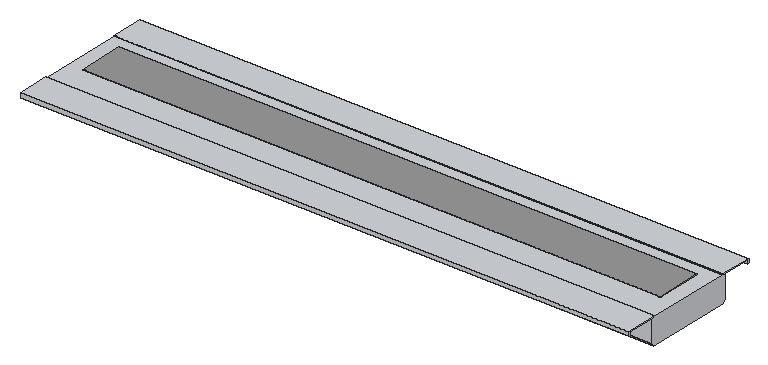
Revit family "2021685 Sylvania Lighting Fixture OPTIX R 1200 ASYMMETRIC 4K WHITE", category Lighting Fixtures, host Face, Revit 2018
Family settings
  Host = Face
  Round Connector Dimension = Use Diameter
  Part Type = Normal
  OmniClass Number = 23.80.70.00
  OmniClass Title = Lighting
  Cut with Voids When Loaded = No
  Light Source = Yes
  Shared = No
  Room Calculation Point = No
Parameters (values of type "2021685 OPTIX R 1200 ASYM 4K WHT")
  spacer height = 8 mm
  spacer centres = 1000 mm
  Width = 293 mm
  Weight = "n/a"
  Wattage Comments = ""
  Wattage = 9.2903 W
  WarrantyStartDate [instance] = "n/a"
  WarrantyGuarantorParts = "n/a"
  WarrantyDurationUnit = "n/a"
  WarrantyDurationParts = ""
  WarrantyDescription = "http://www.sylvania-lighting.com"
  built-in parameter 1150110 = 1 (stored number, unit not read)
  Voltage = 0 V
  URL = "0.95"
  TypeName = "OPTIX R 1200 ASYMMETRIC 4K WHITE"
  Type Image = <None>
  Type Comments = "n/a"
  built-in parameter 1114217 = 1 (stored number, unit not read)
  Tilt Angle = 90.00°
  built-in parameter 1150109 = 1 (stored number, unit not read)
  built-in parameter 1150134 = 3
  built-in parameter 1150113 = 1 (stored number, unit not read)
  SerialNumber [instance] = "n/a"
  Photometric Web File = "2021685.ies"
  Material_3_FEILO = none
  PowerFactor = 0
  PowerConsumption = "Lighting"
  NominalLength = 293 mm
  NominalHeight = 0 mm
  NominalDepth = 0 mm
  Name = "OPTIX R 1200 ASYMMETRIC 4K WHITE"
  ModelReference = Name  # "OPTIX R 1200 ASYMMETRIC 4K WHITE"
  ModelNumber = "2021685"
  Model = Name  # "OPTIX R 1200 ASYMMETRIC 4K WHITE"
  Material = "Feilo Sylvania"
  ManufacturerName = "116 lm/W"
  Manufacturer = ""
  LuminousEfficacy = ""
  built-in parameter 1150105 = 109.82 (stored number, unit not read)
  Lumens = 1380 lm
  LuminaireType = "0"
  built-in parameter 1150115 = 1 (stored number, unit not read)
  LightOutputRatio = "LED"
  built-in parameter 1150137 = (empty or 0)
  built-in parameter 1150139 = (empty or 0)
  Length = 1196 mm
  LampsType = Lamp  # "n/a"
  LampNominalLuminous = "4000 K"
  LampMacAdamStep = "80"
  LampColourTemperature = "LED"
  LampColourRenderingIndex = "16500"
  built-in parameter 1150112 = 1 (stored number, unit not read)
  built-in parameter 1150114 = 1 (stored number, unit not read)
  Lamp = "n/a"
  Keynote = "n/a"
  InstallationDate [instance] = "n/a"
  InputVoltage = "0"
  InputNominalFrequency = "4000"
  built-in parameter 1150132 = (empty or 0)
  built-in parameter 1150102 = (empty or 0)
  built-in parameter 1150107 = 3200 (stored number, unit not read)
  built-in parameter 1150138 = (empty or 0)
  IngressProtection = "IfcLightFixtureType"
  ImpactProtectionIndex = "IfcLightFixtureType"
  built-in parameter 1150106 = 1.0982 (stored number, unit not read)
  IfcExportType = "IfcLightFixtureType"
  IfcExportAs = "Class I"
  Height = 52 mm
  ExpectedLife = 50000
  Emit from Circle Diameter = 609.6 mm
  Emit Shape Visible in Rendering = no
  ElectricShockClassification = "116"
  built-in parameter 1150104 = 13.8 (stored number, unit not read)
  DurationUnit = "hours"
  DocumentationLiterature = "http://www.sylvania-lighting.com/product/en-int/products/2021685"
  DimmingControlOptions = "n/a"
  Material_2_FEILO = none
  Dimming Lamp Color Temperature Shift = <None>
  Description = "Recessed LED Linear luminaire with Asymmetric Aluminium Reflector, Asymmetric Light Distribution, Luminaire Dimensions: 1196x293x52mm, Sylvania White body colour, IP20, IK07, Constant Current, Low LED flicker (+/-5%), Warm White (3000K) LED Colour Temperature, 3480lm, 30W, 116lm/W efficacy, CRI>80, 3 SDCM (3-step MacAdam ellipse) LED Colour Consistency, Lumen Maintenance: L90B50 at 60,000 hours."
  Default Elevation = 1219.2 mm
  CreatedOn = "24/03/2021"
  CreatedBy = "@sylvania-lighting.com"
  Cost = 0
  Color Filter = 16777215
  built-in parameter 1114216 [instance] = (empty or 0)
  ClassificationValue = "EF_70_80"
  ClassificationName = "Uniclass2015"
  Material_1_FEILO = none
  BarCode [instance] = "n/a"
  built-in parameter 1114218 = 1 (stored number, unit not read)
  built-in parameter 1150133 = 10 (stored number, unit not read)
  AssetType = "Fixed"
  AssetIdentifier [instance] = "n/a"
  Assembly Code = "D5020200"
  Apparent Load = 30 VA
  Material_4_FEILO = none
Reference planes
  plane 1 "Center (Front/Back)": y = 0
  plane 2: z = 0
  plane 3 "Center (Left/Right)": x = 0
  plane 4: z = 0
  plane 5: z = -52
  plane 6: y = 146.5
  plane 7: y = -146.5
  plane 8: x = -598
  plane 9: x = 598
  plane 10: z = -8
  plane 11: y = 145.5
  plane 12: z = -1
  plane 13: y = -145.5
  plane 14: z = -1
  plane 15: y = 89.5
  plane 16: y = -89.5
  plane 17: y = 84.5
  plane 18: z = -47
  plane 19: z = -47
  plane 20: y = -84.5
  plane 21: x = 568
  plane 22: x = -568
  plane 23: y = -31.5
  plane 24: y = 58.5
Forms (mm)
  Extrusion 1, solid, material <- "Material_1_FEILO", detail levels medium+fine
    sketch origin (319, 1524, 1219.2) x (0, 1, 0) y (0, 0, 1)
      loop
        line (-1377.5, -1227.2) -> (-1377.5, -1219.2) -> (-1440.5, -1219.2) -> (-1440.5, -1220.2) -> (-1378.5, -1220.2) -> (-1378.5, -1227.2) -> (-1377.5, -1227.2)
    from -917 to 279
  Extrusion 2, solid, material <- "Material_1_FEILO", detail levels medium+fine
    sketch origin (0, 0, 0) x (0, 1, 0) y (0, 0, 1)
      loop
        line (-145.5, -8) -> (-145.5, -1) -> (-83.5, -1) -> (-83.5, 0) -> (-146.5, 0) -> (-146.5, -8) -> (-145.5, -8)
    from -598 to 598
  Extrusion 3, solid, material <- "Material_1_FEILO", detail levels medium+fine
    sketch origin (319, 1524, 1219.2) x (0, 1, 0) y (0, 0, 1)
      loop
        line (-1434.5, -1220.2) -> (-1613.5, -1220.2) -> (-1613.5, -1266.2) -> (-1608.5, -1271.2) -> (-1439.5, -1271.2) -> (-1434.5, -1266.2) -> (-1434.5, -1220.2)
    from -917 to 279
  Extrusion 4, solid, material "Glass, White, High Luminance", detail levels fine
    sketch origin (4.2, 0, 0) x (1, 0, 0) y (0, 1, 0)
      loop
        line (-572.2, 58.5) -> (-572.2, -31.5) -> (563.8, -31.5) -> (563.8, 58.5) -> (-572.2, 58.5)
    from 0 to 1
  Extrusion 5, void
    sketch origin (-984.261, -52.317, -52) x (1, 0, 0) y (0, 1, 0)
      loop
        line (386.261, 198.817) -> (386.261, -94.183) -> (1582.261, -94.183) -> (1582.261, 198.817) -> (386.261, 198.817)
    from -337.369 to 583.514
  Extrusion 6, solid, detail levels coarse
    sketch origin (0, 1219.2, 38) x (1, 0, 0) y (0, 1, 0)
      loop
        line (-598, -1072.7) -> (-598, -1365.7) -> (598, -1365.7) -> (598, -1072.7) -> (-598, -1072.7)
    from -37 to -90
Dimensions and locks
  "Width": plane 6 to plane 7
  equal spacing: plane 6, plane 1 "Center (Front/Back)", plane 7
  "Length": plane 8 to plane 9
  equal spacing: plane 8, plane 3 "Center (Left/Right)", plane 9
  "spacer height": host face to plane 10
  "Height": level to plane 5
  plane 3 "Center (Left/Right)" to Extrusion 1 = 598 mm
  aligned and locked: plane 2 to host face
  aligned and locked: level to host face
Automatic sketch dimensions
  host sketch curve to host sketch curve = 2438.4 mm
  host sketch curve to host sketch curve = 2429.7 mm
  Extrusion 1 sketch curve to plane 10 = 0 mm
  Extrusion 1 sketch curve to plane 11 = 0 mm
  Extrusion 1 sketch curve to plane 6 = 0 mm
  Extrusion 1 sketch curve to plane 12 = 0 mm
  Extrusion 1 sketch curve to level = 0 mm
  Extrusion 2 sketch curve to plane 7 = 0 mm
  Extrusion 2 sketch curve to plane 13 = 0 mm
  Extrusion 2 sketch curve to plane 12 = 0 mm
  Extrusion 2 sketch curve to plane 10 = 0 mm
  Extrusion 2 sketch curve to level = 0 mm
  Extrusion 2 sketch curve to plane 16 = 6 mm
  plane 15 to Extrusion 1 sketch curve = 6 mm
  Extrusion 3 sketch curve to plane 12 = 0 mm
  Extrusion 3 sketch curve to plane 16 = 0 mm
  Extrusion 3 sketch curve to plane 5 = 0 mm
  Extrusion 3 sketch curve to plane 20 = 0 mm
  Extrusion 3 sketch curve to plane 17 = 0 mm
  Extrusion 3 sketch curve to plane 15 = 0 mm
  Extrusion 3 sketch curve to plane 18 = 0 mm  (x2)
  Extrusion 4 sketch curve to plane 22 = 0 mm
  Extrusion 4 sketch curve to plane 21 = 0 mm
  Extrusion 4 sketch curve to plane 23 = 0 mm
  plane 24 to Extrusion 4 sketch curve = 0 mm
  Extrusion 5 sketch curve to Extrusion 5 sketch curve = 1196 mm
  Extrusion 5 sketch curve to plane 6 = 293 mm
  Extrusion 5 sketch curve to plane 9 = 1196 mm
  Extrusion 5 sketch curve to Extrusion 5 sketch curve = 293 mm
  Extrusion 6 sketch curve to plane 7 = 0 mm
  Extrusion 6 sketch curve to plane 8 = 0 mm
  Extrusion 6 sketch curve to plane 9 = 0 mm
  Extrusion 6 sketch curve to plane 11 = 1 mm
Connectors
  electrical at (0, 0, -52)
    settings: on Extrusion 3, index 1, voltage 0 V, apparent load 0 VA, apparent load phase1 0 VA, apparent load phase2 0 VA, apparent load phase3 0 VA, power factor 1, load classification "Other", number of poles 1, system type 31, power factor state 1, is connector primary yes, connector utility no, sub classification motor no, connector description ""
